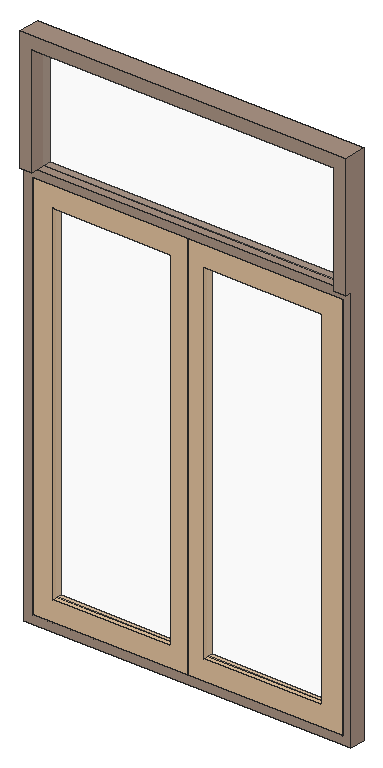
Revit family
Parameters (values of type "1200x1500 mm")
  Ventilator Height = 450 mm
  Top Rail = 60 mm
  Stile = 60 mm
  Shutter = Light Wood
  Panel = Glass (2)
  Height = 1500 mm
  Frame Width = 45 mm
  Frame Depth = 60 mm
  Frame = Dark Wood
  Default Sill Height = 800 mm
  Wall Closure = (empty or 0)
  Width = 1200 mm
  Bottom Rail = 60 mm
Types (4, lengths in mm): name | Width
  (no name) | 1200
  1500x1500 mm | 1500
  1200x1500 mm | 1200
  1800x1500 mm | 1800
Reference planes
  plane 1: y = 5
  plane 2 "Center (Left/Right)": x = 0
  plane 3 "Left": x = -600
  plane 4 "Right": x = 600
  plane 5 "Sill": z = 800
  plane 6 "Head": z = 2300
  plane 7 "Exterior": y = 80
  plane 8 "Interior": y = -70
  plane 9: x = -555
  plane 10: x = 555
  plane 11: y = 35
  plane 12: y = -25
  plane 13: z = 2255
  plane 14: z = 845
  plane 15: x = -495
  plane 16: x = 495
  plane 17: z = 2195
  plane 18: z = 905
  plane 19: x = -60
  plane 20: x = 60
  plane 21: z = 1550
  plane 22: z = 2750
  plane 23: z = 2705
Forms (mm)
  Sweep 1, solid, material "Dark Wood" <- "Frame"
    path origin (0, 5, 0) x (1, 0, 0) y (0, 0, 1)
      loop
        line (-600, 800) -> (600, 800) -> (600, 2300) -> (-600, 2300) -> (-600, 800)
    profile origin (0, 0, 1550) x (-1, 0, 0) y (0, -1, 0)
      loop
        line (600, 25) -> (570, 25) -> (570, -10) -> (555, -10) -> (555, -35) -> (600, -35) -> (600, 25)
  Extrusion 2, solid, material "Light Wood" <- "Shutter"
    sketch origin (0, -25, 0) x (1, 0, 0) y (0, 0, 1)
      loop
        line (0, 830) -> (0, 2270) -> (-570, 2270) -> (-570, 830) -> (0, 830)
      loop
        line (-495, 2195) -> (-495, 905) -> (-60, 905) -> (-60, 2195) -> (-495, 2195)
    from 0 to -35
  Extrusion 3, solid, material "Glass (2)" <- "Panel"
    sketch origin (0, 0, 905) x (0, -1, 0) y (-1, 0, 0)
      loop
        line (5.5, 60) -> (9.5, 60) -> (9.5, 495) -> (5.5, 495) -> (5.5, 60)
      loop
        line (5.5, -60) -> (5.5, -495) -> (9.5, -495) -> (9.5, -60) -> (5.5, -60)
    from 0 to -1290
  Sweep 4, solid, material "Dark Wood" <- "Frame"
    path origin (0, 5, 0) x (1, 0, 0) y (0, 0, 1)
      loop
        line (-600, 2300) -> (-600, 2750) -> (600, 2750) -> (600, 2300)
    profile origin (0, 0, 2525) x (-1, 0, 0) y (0, -1, 0)
      loop
        line (600, -35) -> (600, 45) -> (555, 45) -> (555, -35) -> (600, -35)
  Extrusion 5, solid, material "Glass (2)" <- "Panel"
    sketch origin (0, 5, 0) x (1, 0, 0) y (0, 0, 1)
      loop
        line (-555, 2705) -> (-555, 2300) -> (555, 2300) -> (555, 2705) -> (-555, 2705)
    from -2 to 2
  Extrusion 6, solid, material "Light Wood" <- "Shutter"
    sketch origin (0, -25, 0) x (1, 0, 0) y (0, 0, 1)
      loop
        line (0, 2270) -> (0, 830) -> (570, 830) -> (570, 2270) -> (0, 2270)
      loop
        line (60, 2195) -> (60, 905) -> (495, 905) -> (495, 2195) -> (60, 2195)
    from 0 to -35
Cuts and joins
  joined: Sweep 1, Sweep 4
Lines and regions (mm)
  Opening 1
    outline origin (3500, -70, 0) x (1, 0, 0) y (0, 0, 1)
      loop
        line (-2900, 800) -> (-2900, 2300) -> (-2900, 2750) -> (-4100, 2750) -> (-4100, 2300) -> (-4100, 800) -> (-2900, 800)
  symbolic lines, style "WindowsFrameMullionProjection", detail levels medium+fine
    curve 1: line (-600, 35, 0) -> (-555, 35, 0)
    curve 2: line (-555, 35, 0) -> (-555, 10, 0)
    curve 3: line (-570, 10, 0) -> (-555, 10, 0)
    curve 4: line (-570, 10, 0) -> (-570, -25, 0)
    curve 5: line (-600, -25, 0) -> (-570, -25, 0)
    curve 6: line (600, 35, 0) -> (555, 35, 0)
    curve 7: line (555, 35, 0) -> (555, 5, 0)
    curve 8: line (555, 10, 0) -> (570, 10, 0)
    curve 9: line (570, 10, 0) -> (570, -25, 0)
    curve 10: line (570, -25, 0) -> (600, -25, 0)
    curve 11: line (600, -25, 0) -> (600, 35, 0)
    curve 12: line (-600, 35, 0) -> (-600, -25, 0)
  symbolic lines, style "Plan Swing"
    curve 13: line (-570, 10, 0) -> (570, 10, 0)
  symbolic lines, style "WindowsFrameMullionProjection", detail levels coarse
    curve 14: line (-570, -25, 0) -> (-600, -25, 0)
    curve 15: line (-570, 35, 0) -> (-570, -25, 0)
    curve 16: line (-600, 35, 0) -> (-570, 35, 0)
    curve 17: line (-600, -25, 0) -> (-600, 35, 0)
    curve 18: line (570, -25, 0) -> (600, -25, 0)
    curve 19: line (570, 35, 0) -> (570, -25, 0)
    curve 20: line (600, 35, 0) -> (570, 35, 0)
    curve 21: line (600, -25, 0) -> (600, 35, 0)
  symbolic lines, style "Plan Swing", detail levels coarse
    curve 22: line (-570, -25, 0) -> (570, -25, 0)
  symbolic lines, style "Elevation Swing Coarse", detail levels coarse
    curve 23: line (0, 0, 2255) -> (555, 0, 1550)
    curve 24: line (0, 0, 845) -> (555, 0, 1550)
    curve 25: line (0, 0, 845) -> (-555, 0, 1550)
    curve 26: line (0, 0, 2255) -> (-555, 0, 1550)
  symbolic lines, style "Elevation Swing Medium", detail levels medium
    curve 27: line (0, 0, 2255) -> (555, 0, 1550)
    curve 28: line (0, 0, 845) -> (555, 0, 1550)
    curve 29: line (0, 0, 845) -> (-555, 0, 1550)
    curve 30: line (0, 0, 2255) -> (-555, 0, 1550)
  symbolic lines, style "Elevation Swing Fine", detail levels fine
    curve 31: line (0, 0, 2255) -> (555, 0, 1550)
    curve 32: line (0, 0, 845) -> (555, 0, 1550)
    curve 33: line (0, 0, 845) -> (-555, 0, 1550)
    curve 34: line (0, 0, 2255) -> (-555, 0, 1550)
Text (mm)
  text "EXTERIOR" at (-1963.203, 1332.353, 0), in view "Ref. Level"
  text "INTERIOR" at (-1981.466, -818.386, 0), in view "Ref. Level"
  text "Exterior" at (0, 923.751, 2943.296), in view "Right"
  text "Exterior" at (0, 1040.484, 2685.409), in view "Left"
Dimensions and locks
  equal spacing: plane 3 "Left", plane 2 "Center (Left/Right)", plane 4 "Right"
  "Width": plane 3 "Left" to plane 4 "Right"
  "Height": plane 5 "Sill" to plane 6 "Head"
  "Default Sill Height": plane 5 "Sill" to level
  locked: plane 7 "Exterior" to host wall at 0
  locked: plane 8 "Interior" to host wall
  locked: Sweep 1 sketch curve to Sweep 1 sketch curve at 15
  locked: Sweep 1 sketch curve to Sweep 1 sketch curve at 35
  "Frame Width": plane 3 "Left" to plane 9
  "Frame Width": plane 10 to plane 4 "Right"
  equal spacing: plane 12, plane 1, plane 11
  "Frame Depth": plane 12 to plane 11
  "Frame Width": plane 6 "Head" to plane 13
  "Frame Width": plane 14 to plane 5 "Sill"
  "Stile": plane 15 to plane 9
  "Stile": plane 10 to plane 16
  "Stile": plane 2 "Center (Left/Right)" to plane 19
  "Stile": plane 20 to plane 2 "Center (Left/Right)"
  "Top Rail": plane 13 to plane 17
  "Bottom Rail": plane 18 to plane 14
  equal spacing: plane 6 "Head", plane 21, plane 5 "Sill"
  "Ventilator Height": plane 22 to plane 6 "Head"
  "Frame Width": Sweep 4 sketch curve to Sweep 4 sketch curve
  locked: plane 12 to curve 13 at 35
  "Frame Width": plane 22 to plane 23
  equal spacing: plane 8 "Interior", plane 1, plane 7 "Exterior"
  aligned and locked: host wall to Sweep 1 sketch curve
  aligned and locked: Sweep 1 sketch curve to host wall  (x2)
  aligned and locked: Sweep 1 sketch curve to plane 12
  aligned and locked: Sweep 1 sketch curve to plane 3 "Left"
  aligned and locked: Sweep 1 sketch curve to plane 11
  aligned and locked: plane 9 to Sweep 1 sketch curve
  aligned and locked: plane 15 to Extrusion 2 sketch curve
  aligned and locked: plane 17 to Extrusion 2 sketch curve
  aligned and locked: plane 18 to Extrusion 2 sketch curve
  aligned and locked: Extrusion 2 sketch curve to plane 19
  aligned and locked: Extrusion 2 to Extrusion 3 sketch curve
  aligned and locked: Extrusion 3 to Extrusion 2  (x2)
  aligned and locked: curve 1 to Sweep 1  (x2)
  aligned and locked: curve 2 to Sweep 1
  aligned and locked: curve 3 to Sweep 1
  aligned and locked: Sweep 1 to curve 5
  aligned and locked: Sweep 1 to curve 6
  aligned and locked: curve 7 to Sweep 1
  aligned and locked: curve 7 to curve 8
  aligned and locked: Sweep 1 to curve 8
  aligned and locked: Sweep 1 to curve 9
  aligned and locked: curve 11 to Sweep 1
  aligned and locked: plane 3 "Left" to Opening 1 sketch curve
  aligned and locked: Opening 1 sketch curve to plane 22
  aligned and locked: Sweep 4 sketch curve to host wall  (x3)
  aligned and locked: Sweep 4 sketch curve to Sweep 1  (x3)
  aligned and locked: Extrusion 5 sketch curve to Sweep 4  (x3)
  aligned and locked: Sweep 1 to Extrusion 5 sketch curve
  aligned and locked: curve 13 to curve 3
  aligned and locked: curve 21 to Sweep 1
  aligned and locked: plane 2 "Center (Left/Right)" to Extrusion 2
  aligned and locked: Extrusion 2 to Extrusion 6 sketch curve
  aligned and locked: Extrusion 6 sketch curve to Extrusion 2
  aligned and locked: Extrusion 6 sketch curve to cut or joined group of Sweep 1, Sweep 4  (x2)
  aligned and locked: Extrusion 6 sketch curve to Extrusion 3  (x3)
  aligned and locked: Extrusion 3 to Extrusion 6 sketch curve
  aligned and locked: plane 23 to Extrusion 5
  aligned and locked: curve 23 to cut or joined group of Sweep 1, Sweep 4  (x2)
  aligned and locked: curve 24 to cut or joined group of Sweep 1, Sweep 4
  aligned and locked: cut or joined group of Sweep 1, Sweep 4 to curve 25
Automatic sketch dimensions
  Extrusion 2 sketch curve to plane 9 = 15 mm
  Extrusion 2 sketch curve to plane 2 "Center (Left/Right)" = 0 mm
  Extrusion 3 sketch curve to plane 20 = 0 mm
  Extrusion 3 sketch curve to plane 16 = 0 mm
  Extrusion 3 sketch curve to plane 19 = 0 mm
  Extrusion 3 sketch curve to plane 12 = 19.5 mm  (x2)
  Extrusion 3 sketch curve to Extrusion 3 sketch curve = 4 mm  (x2)
  Opening 1 sketch curve to plane 4 "Right" = 0 mm
  Opening 1 sketch curve to plane 5 "Sill" = 0 mm
  Opening 1 sketch curve to plane 6 "Head" = 0 mm  (x2)
  Sweep 1 sketch curve to plane 6 "Head" = 0 mm
  Sweep 4 sketch curve to plane 6 "Head" = 0 mm  (x2)
  plane 1 to Sweep 4 sketch curve = 50 mm
  Extrusion 2 sketch curve to plane 13 = 15 mm
  plane 14 to Extrusion 2 sketch curve = 15 mm
  plane 10 to curve 9 = 15 mm
  curve 7 to curve 8 = 5 mm
  curve 33 to plane 21 = 0 mm
  curve 24 to plane 21 = 0 mm
  curve 33 to plane 2 "Center (Left/Right)" = 0 mm
  curve 26 to plane 2 "Center (Left/Right)" = 0 mm
